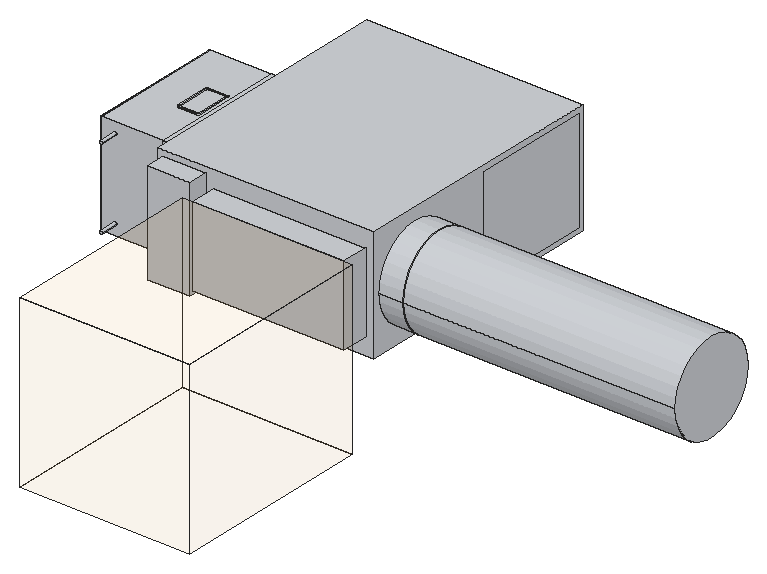
Revit family "FPB_FAN POWERED CONSTANT VOLUME_10-60", category Mechanical Equipment, Revit 2016
Family settings
  Part Type = Normal
  Round Connector Dimension = Use Diameter
  Work Plane-Based = No
  Always vertical = Yes
  Cut with Voids When Loaded = No
  Shared = No
  Room Calculation Point = No
Parameters (values of type "FDC5000 SIZE60(A=16)")
  control box side adjustment = 1 171/256"
  Width [instance] = 0"
  W = 46"
  Voltage = 480 V
  Unit Inlet 63 Hz [instance] = ""
  Side Clearance = 36"  # constant formula
  Power Factor = 1
  Phase = 3
  PBA Total Heating Capacity MBH [instance] = 0
  PBA Terminal Unit Air Pressure Drop [instance] = 0.00 in-wg
  PBA Schedule ID [instance] = "231"
  PBA Options / Accessories [instance] = ""
  PBA Modulation / Control Type [instance] = ""
  PBA Maximum Airflow [instance] = Air Flow  # 0 CFM
  PBA Load Classification = NC
  PBA Inlet Size [instance] = A  # 16"
  PBA Inlet Extension Ratio [instance] = PBA Inlet Extension / InletEquivalentDiameter  # 3
  PBA Inlet Extension [instance] = A * 3  # 48"
  PBA Heating Element Total _Unformatted [instance] = 0
  PBA Heating Element Total [instance] = 0 VA
  PBA Heating Coil Air Pressure Drop [instance] = 0.00 in-wg
  PBA Heating Air Flow [instance] = 0 CFM
  PBA Fan HP [instance] = 0 VA
  PBA External Static Pressure [instance] = 0.00 in-wg
  PBA Duct Outlet Width = B  # 24"
  PBA Duct Outlet Height = C  # 18"
  PBA Diameter [instance] = 0"
  PBA Designation from Type [instance] = Designation  # "FPB"
  PBA Designation Number [instance] = ""
  PBA Design Air Flow [instance] = 0 CFM
  PBA Apparent Load 3 [instance] = 0 VA
  PBA Apparent Load 2 [instance] = 0 VA
  PBA Apparent Load [instance] = 0 VA
  PBA 500 Hz [instance] = ""
  PBA 4000 Hz [instance] = ""
  PBA 250 Hz [instance] = ""
  PBA 2000 Hz [instance] = ""
  PBA 125 Hz [instance] = ""
  PBA 1000 Hz [instance] = ""
  OutletConnectorLocation [instance] = if(Discharge Straight Attenuator, 48 1/2", if(Hot Water Coil, 12 1/2", 1 1/2"))  # 12 1/2"
  Number of Poles = 3
  Minimum Air Flow [instance] = 0 CFM
  Maximum Overcurrent Protection [instance] = 0 A
  InletEquivalentDiameter [instance] = A  # 16"
  Inlet straight Attenuator [instance] = no
  Inlet Attenuator Length [instance] = 33 7/8"
  Inlet Attenuator = FDC5000 INLET ATTENUATOR SIZES10-60 : FDC5000 INLET ATTENUATOR SIZE60
  Hot Water Coil Opt. Port Right Side [instance] = yes
  Hot Water Coil Opt. Port Left Side [instance] = not(Hot Water Coil Opt. Port Right Side)  # no
  Opt. Controls encl NEMA 1 (default) [instance] = yes
  L = 38"
  INLET LENGTH = if(H = 17 1/2", 9 1/2", 4 3/8")  # 4 3/8"
  INLET DISTANCE = A / 2 + 1"  # 9"
  Hot water Coil = HOT WATER COIL WITH ACCESS DOOR FDC5000 : FDC5000 HOT WATER COIL SIZE60
  Hot Water Coil [instance] = yes
  Height [instance] = 0"
  Heating Leaving Dry Bulb Temperature [instance] = 0 °F
  Heating Entering Dry Bulb Temperature [instance] = 0 °F
  Half Total Pressure [instance] = PBA Terminal Unit Air Pressure Drop / 2  # 0.00 in-wg
  HW Connection Visibility [instance] = yes
  H = 20"
  Full Load Current [instance] = 0 A
  Filter [instance] = no
  F = 3"
  Equip Side Clearance [instance] = yes
  Equip Bottom Clearance [instance] = not(Equip Side Clearance)  # no
  Elec.Coil = ELECTRIC COIL FDC5000 : FDC5000 ELECTRIC COIL SIZE60
  Elec. Coil [instance] = no
  E = 18"
  Discharge Straight Attenuator [instance] = no
  Discharge Attenuator Length [instance] = 36"
  Discharge Attenuator = FDC5000 DISCHARGE ATTENUATOR SIZES10-60 : FDC5000 DISCHARGE ATTENUATOR SIZE60
  Designation = "FPB"
  DIA = A - 1/8"  # 15 7/8"
  D = 21"
  Chilled Water Entering Temperature [instance] = 0 °F
  C = 18"
  Bottom Electric box_Length = 14"
  Bottom Electric box_Width = 26 21/32"
  Boot Filter = FDC 5000 FILTER SIZE10-60 : FDC 5000 FILTER SIZE60
  B = 24"
  Apparent Load [instance] = PBA Apparent Load  # 0 VA
  Air Flow [instance] = 0 CFM
  A = 16"
  90° Inlet Attenuators [instance] = no
  90° Inlet Attenuator = FDC5000 90deg.INLET ATTENUATOR SIZES10-60 : 90 DEG. ATTENUATOR SIZE60
Types (12): name | control box side adjustment | W | Voltage | Power Factor | PBA Inlet Size | PBA Inlet Extension | PBA Duct Outlet Width | PBA Duct Outlet Height | OutletConnectorLocation | InletEquivalentDiameter | Inlet Attenuator | Hot Water Coil Opt. Port Right Side | Hot Water Coil Opt. Port Left Side | L | INLET LENGTH | INLET DISTANCE | Hot water Coil | Hot Water Coil | H | F | Elec.Coil | Elec. Coil | E | Discharge Attenuator | DIA | D | C | Bottom Electric box_Length | Bottom Electric box_Width | Boot Filter | B | A | 90° Inlet Attenuator
  FDC5000 SIZE20(A=6) | 7 235/256" | 31" | 480 V | 1 | 6" | 18" | 14" | 12 1/2" | 12 1/2" | 6" | FDC5000 INLET ATTENUATOR SIZES10-60 : FDC5000 INLET ATTENUATOR SIZE20 | yes | no | 25 1/2" | 9 1/2" | 4" | HOT WATER COIL WITH ACCESS DOOR FDC5000 : FDC5000 HOT WATER COIL SIZE20 | yes | 17 1/2" | 3" | ELECTRIC COIL FDC5000 : FDC5000 ELECTRIC COIL SIZE20 | no | 15 1/2" | FDC5000 DISCHARGE ATTENUATOR SIZES10-60 : FDC5000 DISCHARGE ATTENUATOR SIZE20 | 5 7/8" | 12" | 12 1/2" | 11 1/2" | 14 5/32" | FDC 5000 FILTER SIZE10-60 : FDC 5000 FILTER SIZE20 | 14" | 6" | FDC5000 90deg.INLET ATTENUATOR SIZES10-60 : 90 DEG. ATTENUATOR SIZE20
  FDC5000 SIZE10(A=6) | 6 171/256" | 18" | 0 V | 0 | 6" | 18" | 12" | 10" | 12 1/2" | 6" | FDC5000 INLET ATTENUATOR SIZES10-60 : FDC5000 INLET ATTENUATOR SIZE10 | yes | no | 28" | 4 3/8" | 4" | HOT WATER COIL WITH ACCESS DOOR FDC5000 : FDC5000 HOT WATER COIL SIZE10 | yes | 12" | 1 1/2" | ELECTRIC COIL FDC5000 : FDC5000 ELECTRIC COIL SIZE10 | no | 10" | FDC5000 DISCHARGE ATTENUATOR SIZES10-60 : FDC5000 DISCHARGE ATTENUATOR SIZE10 | 5 7/8" | 8" | 10" | 6" | 16 21/32" | FDC 5000 FILTER SIZE10-60 : FDC 5000 FILTER SIZE10 | 12" | 6" | FDC5000 90deg.INLET ATTENUATOR SIZES10-60 : 90 DEG. ATTENUATOR SIZE10
  FDC5000 SIZE10(A=5) | 6 171/256" | 18" | 0 V | 0 | 5" | 15" | 12" | 10" | 12 1/2" | 5" | FDC5000 INLET ATTENUATOR SIZES10-60 : FDC5000 INLET ATTENUATOR SIZE10 | yes | no | 28" | 4 3/8" | 3 1/2" | HOT WATER COIL WITH ACCESS DOOR FDC5000 : FDC5000 HOT WATER COIL SIZE10 | yes | 12" | 1 1/2" | ELECTRIC COIL FDC5000 : FDC5000 ELECTRIC COIL SIZE10 | no | 10" | FDC5000 DISCHARGE ATTENUATOR SIZES10-60 : FDC5000 DISCHARGE ATTENUATOR SIZE10 | 4 7/8" | 8" | 10" | 6" | 16 21/32" | FDC 5000 FILTER SIZE10-60 : FDC 5000 FILTER SIZE10 | 12" | 5" | FDC5000 90deg.INLET ATTENUATOR SIZES10-60 : 90 DEG. ATTENUATOR SIZE10
  FDC5000 SIZE20(A=8) | 7 235/256" | 31" | 0 V | 0 | 8" | 24" | 14" | 12 1/2" | 12 1/2" | 8" | FDC5000 INLET ATTENUATOR SIZES10-60 : FDC5000 INLET ATTENUATOR SIZE20 | yes | no | 25 1/2" | 9 1/2" | 5" | HOT WATER COIL WITH ACCESS DOOR FDC5000 : FDC5000 HOT WATER COIL SIZE20 | yes | 17 1/2" | 3" | ELECTRIC COIL FDC5000 : FDC5000 ELECTRIC COIL SIZE20 | no | 15 1/2" | FDC5000 DISCHARGE ATTENUATOR SIZES10-60 : FDC5000 DISCHARGE ATTENUATOR SIZE20 | 7 7/8" | 12" | 12 1/2" | 11 1/2" | 14 5/32" | FDC 5000 FILTER SIZE10-60 : FDC 5000 FILTER SIZE20 | 14" | 8" | FDC5000 90deg.INLET ATTENUATOR SIZES10-60 : 90 DEG. ATTENUATOR SIZE20
  FDC5000 SIZE30(A=8) | 7 235/256" | 31" | 0 V | 0 | 8" | 24" | 14" | 12 1/2" | 12 1/2" | 8" | FDC5000 INLET ATTENUATOR SIZES10-60 : FDC5000 INLET ATTENUATOR SIZE30 | yes | no | 25 1/2" | 9 1/2" | 5" | HOT WATER COIL WITH ACCESS DOOR FDC5000 : FDC5000 HOT WATER COIL SIZE30 | yes | 17 1/2" | 3" | ELECTRIC COIL FDC5000 : FDC5000 ELECTRIC COIL SIZE30 | no | 15 1/2" | FDC5000 DISCHARGE ATTENUATOR SIZES10-60 : FDC5000 DISCHARGE ATTENUATOR SIZE30 | 7 7/8" | 12" | 12 1/2" | 11 1/2" | 14 5/32" | FDC 5000 FILTER SIZE10-60 : FDC 5000 FILTER SIZE30 | 14" | 8" | FDC5000 90deg.INLET ATTENUATOR SIZES10-60 : 90 DEG. ATTENUATOR SIZE30
  FDC5000 SIZE30(A=10) | 7 235/256" | 31" | 480 V | 0 | 10" | 30" | 14" | 12 1/2" | 12 1/2" | 10" | FDC5000 INLET ATTENUATOR SIZES10-60 : FDC5000 INLET ATTENUATOR SIZE30 | yes | no | 25 1/2" | 9 1/2" | 6" | HOT WATER COIL WITH ACCESS DOOR FDC5000 : FDC5000 HOT WATER COIL SIZE30 | yes | 17 1/2" | 3" | ELECTRIC COIL FDC5000 : FDC5000 ELECTRIC COIL SIZE30 | no | 15 1/2" | FDC5000 DISCHARGE ATTENUATOR SIZES10-60 : FDC5000 DISCHARGE ATTENUATOR SIZE30 | 9 7/8" | 12" | 12 1/2" | 11 1/2" | 14 5/32" | FDC 5000 FILTER SIZE10-60 : FDC 5000 FILTER SIZE30 | 14" | 10" | FDC5000 90deg.INLET ATTENUATOR SIZES10-60 : 90 DEG. ATTENUATOR SIZE30
  FDC5000 SIZE40(A=10) | 5 235/256" | 35" | 0 V | 0 | 10" | 30" | 16" | 15" | 12 1/2" | 10" | FDC5000 INLET ATTENUATOR SIZES10-60 : FDC5000 INLET ATTENUATOR SIZE40 | yes | no | 29 1/2" | 9 1/2" | 6" | HOT WATER COIL WITH ACCESS DOOR FDC5000 : FDC5000 HOT WATER COIL SIZE40 | yes | 17 1/2" | 4" | ELECTRIC COIL FDC5000 : FDC5000 ELECTRIC COIL SIZE40 | no | 15 1/2" | FDC5000 DISCHARGE ATTENUATOR SIZES10-60 : FDC5000 DISCHARGE ATTENUATOR SIZE40 | 9 7/8" | 16" | 15" | 11 1/2" | 18 5/32" | FDC 5000 FILTER SIZE10-60 : FDC 5000 FILTER SIZE40 | 16" | 10" | FDC5000 90deg.INLET ATTENUATOR SIZES10-60 : 90 DEG. ATTENUATOR SIZE40
  FDC5000 SIZE40(A=12) | 5 235/256" | 35" | 0 V | 0 | 12" | 36" | 16" | 15" | 12 1/2" | 12" | FDC5000 INLET ATTENUATOR SIZES10-60 : FDC5000 INLET ATTENUATOR SIZE40 | yes | no | 29 1/2" | 9 1/2" | 7" | HOT WATER COIL WITH ACCESS DOOR FDC5000 : FDC5000 HOT WATER COIL SIZE40 | yes | 17 1/2" | 4" | ELECTRIC COIL FDC5000 : FDC5000 ELECTRIC COIL SIZE40 | no | 15 1/2" | FDC5000 DISCHARGE ATTENUATOR SIZES10-60 : FDC5000 DISCHARGE ATTENUATOR SIZE40 | 11 7/8" | 16" | 15" | 11 1/2" | 18 5/32" | FDC 5000 FILTER SIZE10-60 : FDC 5000 FILTER SIZE40 | 16" | 12" | FDC5000 90deg.INLET ATTENUATOR SIZES10-60 : 90 DEG. ATTENUATOR SIZE40
  FDC5000 SIZE50(A=12) | 1 171/256" | 40" | 0 V | 0 | 12" | 36" | 20" | 17 1/2" | 1 1/2" | 12" | FDC5000 INLET ATTENUATOR SIZES10-60 : FDC5000 INLET ATTENUATOR SIZE50 | no | yes | 38" | 4 3/8" | 7" | HOT WATER COIL WITH ACCESS DOOR FDC5000 : FDC5000 HOT WATER COIL SIZE50 | no | 20" | 3" | ELECTRIC COIL FDC5000 : FDC5000 ELECTRIC COIL SIZE50 | yes | 18" | FDC5000 DISCHARGE ATTENUATOR SIZES10-60 : FDC5000 DISCHARGE ATTENUATOR SIZE50 | 11 7/8" | 21" | 17 1/2" | 14" | 26 21/32" | FDC 5000 FILTER SIZE10-60 : FDC 5000 FILTER SIZE50 | 20" | 12" | FDC5000 90deg.INLET ATTENUATOR SIZES10-60 : 90 DEG. ATTENUATOR SIZE50
  FDC5000 SIZE50(A=14) | 1 171/256" | 40" | 0 V | 0 | 14" | 42" | 20" | 17 1/2" | 12 1/2" | 14" | FDC5000 INLET ATTENUATOR SIZES10-60 : FDC5000 INLET ATTENUATOR SIZE50 | yes | no | 38" | 4 3/8" | 8" | HOT WATER COIL WITH ACCESS DOOR FDC5000 : FDC5000 HOT WATER COIL SIZE50 | yes | 20" | 3" | ELECTRIC COIL FDC5000 : FDC5000 ELECTRIC COIL SIZE50 | no | 18" | FDC5000 DISCHARGE ATTENUATOR SIZES10-60 : FDC5000 DISCHARGE ATTENUATOR SIZE50 | 13 7/8" | 21" | 17 1/2" | 14" | 26 21/32" | FDC 5000 FILTER SIZE10-60 : FDC 5000 FILTER SIZE50 | 20" | 14" | FDC5000 90deg.INLET ATTENUATOR SIZES10-60 : 90 DEG. ATTENUATOR SIZE50
  FDC5000 SIZE60(A=14) | 1 171/256" | 46" | 0 V | 0 | 14" | 42" | 24" | 18" | 12 1/2" | 14" | FDC5000 INLET ATTENUATOR SIZES10-60 : FDC5000 INLET ATTENUATOR SIZE60 | yes | no | 38" | 4 3/8" | 8" | HOT WATER COIL WITH ACCESS DOOR FDC5000 : FDC5000 HOT WATER COIL SIZE60 | yes | 20" | 3" | ELECTRIC COIL FDC5000 : FDC5000 ELECTRIC COIL SIZE60 | no | 18" | FDC5000 DISCHARGE ATTENUATOR SIZES10-60 : FDC5000 DISCHARGE ATTENUATOR SIZE60 | 13 7/8" | 21" | 18" | 14" | 26 21/32" | FDC 5000 FILTER SIZE10-60 : FDC 5000 FILTER SIZE60 | 24" | 14" | FDC5000 90deg.INLET ATTENUATOR SIZES10-60 : 90 DEG. ATTENUATOR SIZE60
  FDC5000 SIZE60(A=16) | 1 171/256" | 46" | 480 V | 1 | 16" | 48" | 24" | 18" | 12 1/2" | 16" | FDC5000 INLET ATTENUATOR SIZES10-60 : FDC5000 INLET ATTENUATOR SIZE60 | yes | no | 38" | 4 3/8" | 9" | HOT WATER COIL WITH ACCESS DOOR FDC5000 : FDC5000 HOT WATER COIL SIZE60 | yes | 20" | 3" | ELECTRIC COIL FDC5000 : FDC5000 ELECTRIC COIL SIZE60 | no | 18" | FDC5000 DISCHARGE ATTENUATOR SIZES10-60 : FDC5000 DISCHARGE ATTENUATOR SIZE60 | 15 7/8" | 21" | 18" | 14" | 26 21/32" | FDC 5000 FILTER SIZE10-60 : FDC 5000 FILTER SIZE60 | 24" | 16" | FDC5000 90deg.INLET ATTENUATOR SIZES10-60 : 90 DEG. ATTENUATOR SIZE60
Reference planes (in)
  plane 1 "Center (Front/Back)": y = 12.5
  plane 2: z = 0
  plane 3 "Center (Left/Right)": x = 0
  plane 4 "Face 5": y = 35.5
  plane 5 "Face 2": y = -10.5
  plane 6 "Weak Reference 2": x = -14
  plane 7 "Face 8": x = 24
  plane 8: z = 20
  plane 9 "Face 6": x = -15.5
  plane 10 "Weak Reference 7": y = -7.5
  plane 11 "Weak Reference 6": y = 16.5
  plane 12: z = 19.25
  plane 13: z = 1.25
  plane 14 "Face 4": x = -13
  plane 15 "face 23": z = 10
  plane 16 "FACE 23": z = 11
  plane 17: z = 1
  plane 18 "Face 1": y = -14
  plane 19 "FACE 24": z = 17
  plane 20 "FACE 25": z = 3
  plane 21 "Weak Reference 1": y = -15.25
  plane 22 "Face 3": y = -9.5
  plane 23 "Weak Reference 3": y = -1.5
  plane 24 "InletFace": x = 28.375
  plane 25 "Weak Reference 5": y = 34.5
  plane 26 "Weak Reference 4": y = 13.5
  plane 27: z = 19
  plane 28: z = 1
  plane 29 "Weak Reference 8": x = 24.1875
  plane 30 "clr 1": y = -51.25
  plane 31: z = -4.75
  plane 32: y = 18.69802
  plane 33 "Center (Left/Right) of ELEC CONRL BOX": x = 5
  plane 34 "1": z = -40.75
  plane 35 "InletExtension": x = 76.375
  plane 36 "OutletConnector": x = -26.5
Forms (in)
  Extrusion 1, solid
    sketch origin (0, 0, 0) x (1, 0, 0) y (0, 1, 0)
      loop
        line (-14, 35.5) -> (-14, -10.5) -> (24, -10.5) -> (24, 35.5) -> (-14, 35.5)
    from 0 to 20
  Extrusion 2, solid
    sketch origin (0, 0, 0) x (1, 0, 0) y (0, 1, 0)
      loop
        line (-15.5, 16.5) -> (-15.5, -7.5) -> (-14, -7.5) -> (-14, 16.5) -> (-15.5, 16.5)
    from 1.25 to 19.25
  Extrusion 3, solid, visible <- "Opt. Controls encl NEMA 1 (default)"
    sketch origin (0, 12.5, 0) x (1, 0, 0) y (0, 0, 1)
      loop
        line (-13, 19) -> (-13, 1) -> (-5.625, 1) -> (-5.625, 19) -> (-13, 19)
    from 23 to 26.5
  Extrusion 4, solid, visible <- "Equip Side Clearance"
    sketch origin (0, 12.5, 0) x (1, 0, 0) y (0, 0, 1)
      loop
        line (-4.12318, 17) -> (-4.12318, 3) -> (22.54335, 3) -> (22.54335, 17) -> (-4.12318, 17)
    from 23 to 27.75
  Extrusion 5, solid
    sketch origin (0, -14, 0) x (0, 1, 0) y (0, 0, 1)
      loop
        circle (12.5, 10) r 8
    from 24 to 28.375
  Extrusion 6, solid
    sketch origin (0, 0, 0) x (0, 1, 0) y (0, 0, 1)
      loop
        line (13.5, 19) -> (13.5, 1) -> (34.5, 1) -> (34.5, 19) -> (13.5, 19)
    from 24 to 24.1875
  Extrusion 7, solid, material "Clearance", visible <- "Equip Side Clearance"
    sketch origin (13.75, -18.25, 1.25) x (1, 0, 0) y (0, 0, 1)
      loop
        line (-19.54115, -14.25) -> (10.45885, -14.25) -> (10.45885, 15.75) -> (-19.54115, 15.75) -> (-19.54115, -14.25)
    from -3 to 33
  Extrusion 8, solid, material "Clearance", visible <- "Equip Bottom Clearance"
    sketch origin (-8.32812, 5.5, -4.75) x (1, 0, 0) y (0, 1, 0)
      loop
        line (-1.67187, 22) -> (-1.67187, -8) -> (28.32813, -8) -> (28.32813, 22) -> (-1.67187, 22)
    from -36 to 0
  Extrusion 9, solid
    sketch origin (28.375, 0, 0) x (0, 1, 0) y (0, 0, 1)
      loop
        circle (-1.5, 10) r 8
    from 0 to 48
  Extrusion 10, solid
    sketch origin (-26.5, 0, 0) x (0, 1, 0) y (0, 0, 1)
      loop
        line (16.5, 19.25) -> (-7.5, 19.25) -> (-7.5, 1.25) -> (16.5, 1.25) -> (16.5, 19.25)
    from 0 to 0.0625
Lines and regions (in)
  symbolic lines, style "Clearance Area 2D", visible <- "Equip Side Clearance"
    curve 1: line (-5.79115, -15.25, 0) -> (24.20885, -15.25, 0)
    curve 2: line (-5.79115, -51.25, 0) -> (-5.79115, -15.25, 0)
    curve 3: line (24.20885, -51.25, 0) -> (-5.79115, -51.25, 0)
    curve 4: line (24.20885, -15.25, 0) -> (24.20885, -51.25, 0)
  model lines, style "Clearance Area 2D", visible <- "Equip Side Clearance"
    curve 5: line (24.20885, -51.25, -13) -> (-5.79115, -51.25, -13)
    curve 6: line (-5.79115, -51.25, -13) -> (-5.79115, -15.25, -13)
    curve 7: line (-5.79115, -15.25, -13) -> (24.20885, -15.25, -13)
    curve 8: line (24.20885, -15.25, -13) -> (24.20885, -51.25, -13)
Dimensions and locks (in)
  locked: plane 21 "Weak Reference 1" to plane 5 "Face 2" at 4.75
  "B": plane 10 "Weak Reference 7" to plane 11 "Weak Reference 6"
  "W": plane 4 "Face 5" to plane 5 "Face 2"
  "C": plane 12 to plane 13
  "L": plane 7 "Face 8" to plane 6 "Weak Reference 2"
  "F": plane 5 "Face 2" to plane 10 "Weak Reference 7"
  "H": plane 8 to plane 2
  "INLET LENGTH": plane 7 "Face 8" to plane 24 "InletFace"
  locked: plane 8 to plane 12 at 0.75
  locked: plane 14 "Face 4" to plane 6 "Weak Reference 2" at 1
  locked: Extrusion 1 to Extrusion 3 at 1
  locked: Extrusion 3 to Extrusion 1 at 1
  locked: plane 8 to plane 19 "FACE 24" at 3
  locked: plane 20 "FACE 25" to plane 2 at 3
  locked: plane 5 "Face 2" to plane 22 "Face 3" at 1
  locked: plane 18 "Face 1" to plane 5 "Face 2" at 3.5
  locked: plane 25 "Weak Reference 5" to plane 4 "Face 5" at 1
  equal spacing: plane 8, plane 15 "face 23", plane 2
  equal spacing: plane 28, plane 15 "face 23", plane 27
  "E": plane 28 to plane 27
  "D": plane 26 "Weak Reference 4" to plane 25 "Weak Reference 5"
  "INLET DISTANCE": plane 5 "Face 2" to plane 23 "Weak Reference 3"
  "Side Clearance": plane 30 "clr 1" to plane 21 "Weak Reference 1"
  locked: plane 2 to plane 31 at 4.75
  equal spacing: plane 4 "Face 5", plane 1 "Center (Front/Back)", plane 5 "Face 2"
  equal spacing: plane 6 "Weak Reference 2", plane 33 "Center (Left/Right) of ELEC CONRL BOX", plane 7 "Face 8"
  locked: plane 31 to plane 34 "1" at 36
  locked: plane 33 "Center (Left/Right) of ELEC CONRL BOX" to Extrusion 8 sketch curve at 15
  locked: Extrusion 8 sketch curve to plane 33 "Center (Left/Right) of ELEC CONRL BOX" at 15
  locked: Extrusion 8 sketch curve to nested 7 at 15
  locked: nested 7 to Extrusion 8 sketch curve at 15
  Extrusion 4 to Extrusion 4 = 26.66653"
  locked: plane 6 "Weak Reference 2" to Extrusion 4 at 9.87682
  locked: Extrusion 7 sketch curve to Extrusion 4 at 30
  locked: Extrusion 7 sketch curve to Extrusion 7 sketch curve at 30
  "control box side adjustment": Extrusion 7 to Extrusion 4
  locked: Extrusion 3 to Extrusion 3 at 7.375
  plane 7 "Face 8" to plane 29 "Weak Reference 8" = 3/16"
  "PBA Inlet Extension": plane 24 "InletFace" to plane 35 "InletExtension"
  "OutletConnectorLocation": plane 36 "OutletConnector" to plane 6 "Weak Reference 2"
  "A": diameter of Extrusion 5 sketch curve
  "A": diameter of Extrusion 9 sketch curve
  aligned and locked: plane 2 to level
  aligned and locked: plane 8 to Extrusion 1
  aligned and locked: plane 4 "Face 5" to Extrusion 1  (x2)
  aligned and locked: Extrusion 1 to plane 6 "Weak Reference 2"  (x2)
  aligned and locked: plane 5 "Face 2" to Extrusion 1  (x4)
  aligned and locked: Extrusion 2 to plane 12
  aligned and locked: plane 13 to Extrusion 2
  aligned and locked: Extrusion 3 to plane 5 "Face 2"
  aligned and locked: Extrusion 3 to plane 18 "Face 1"
  aligned and locked: Extrusion 4 to plane 5 "Face 2"
  aligned and locked: plane 21 "Weak Reference 1" to Extrusion 4
  aligned and locked: plane 24 "InletFace" to Extrusion 5
  aligned and locked: plane 10 "Weak Reference 7" to Extrusion 2
  aligned and locked: Extrusion 2 to plane 11 "Weak Reference 6"
  aligned and locked: plane 12 to Extrusion 2  (x2)
  aligned and locked: Extrusion 2 to plane 13
  aligned and locked: plane 6 "Weak Reference 2" to Extrusion 1  (x2)
  aligned and locked: plane 5 "Face 2" to Extrusion 3
  aligned and locked: plane 5 "Face 2" to Extrusion 4
  aligned and locked: Extrusion 1 to plane 7 "Face 8"  (x2)
  aligned and locked: plane 6 "Weak Reference 2" to Extrusion 2
  aligned and locked: Extrusion 1 to plane 8  (x2)
  aligned and locked: Extrusion 3 to plane 14 "Face 4"
  aligned and locked: Extrusion 4 to plane 19 "FACE 24"
  aligned and locked: plane 20 "FACE 25" to Extrusion 4
  aligned and locked: Extrusion 1 to plane 5 "Face 2"  (x2)
  aligned and locked: plane 22 "Face 3" to Extrusion 5
  aligned and locked: plane 18 "Face 1" to Extrusion 3
  aligned and locked: Extrusion 6 to plane 7 "Face 8"
  aligned and locked: Extrusion 6 to plane 27
  aligned and locked: Extrusion 6 to plane 26 "Weak Reference 4"
  aligned and locked: Extrusion 6 to plane 28
  aligned and locked: plane 25 "Weak Reference 5" to Extrusion 6
  aligned and locked: Extrusion 6 to plane 29 "Weak Reference 8"
  aligned and locked: plane 7 "Face 8" to Extrusion 5
  aligned and locked: nested 1 to Extrusion 2  (x3)
  aligned and locked: nested 1 to Extrusion 1
  aligned and locked: nested 2 to Extrusion 2  (x4)
  aligned and locked: nested 2 to Extrusion 1  (x2)
  aligned and locked: nested 2 to plane 5 "Face 2"
  aligned and locked: nested 2 to plane 11 "Weak Reference 6"
  aligned and locked: plane 10 "Weak Reference 7" to nested 2
  aligned and locked: nested 2 to nested 2  (x2)
  aligned and locked: nested 3 to Extrusion 1  (x3)
  aligned and locked: nested 1 to nested 4  (x3)
  aligned and locked: nested 4 to nested 1  (x2)
  aligned and locked: nested 5 to Extrusion 1  (x3)
  aligned and locked: Extrusion 7 to plane 30 "clr 1"
  aligned and locked: Extrusion 7 to Extrusion 4  (x2)
  aligned and locked: curve 1 to Extrusion 4
  aligned and locked: curve 2 to Extrusion 7
  aligned and locked: curve 3 to Extrusion 7
  aligned and locked: curve 4 to Extrusion 7
  aligned and locked: nested 6 to Extrusion 1  (x3)
  aligned and locked: nested 7 to plane 1 "Center (Front/Back)"
  aligned and locked: plane 33 "Center (Left/Right) of ELEC CONRL BOX" to nested 7
  aligned and locked: nested 7 to Extrusion 1
  aligned and locked: Extrusion 8 to nested 7
  aligned and locked: Extrusion 8 to plane 34 "1"
  aligned and locked: curve 5 to Extrusion 7
  aligned and locked: curve 6 to Extrusion 7
  aligned and locked: curve 7 to Extrusion 7
  aligned and locked: curve 8 to Extrusion 7
  aligned and locked: Extrusion 9 to plane 35 "InletExtension"
  aligned and locked: plane 10 "Weak Reference 7" to Extrusion 10
  aligned and locked: Extrusion 10 to plane 11 "Weak Reference 6"
  aligned and locked: Extrusion 10 to plane 13
  aligned and locked: plane 12 to Extrusion 10
Automatic sketch dimensions
  plane 15 "face 23" to Extrusion 5 sketch curve = 0"
  Extrusion 5 sketch curve to plane 23 "Weak Reference 3" = 0"
  plane 5 "Face 2" to Extrusion 1 sketch curve = 0"
  Extrusion 1 sketch curve to plane 6 "Weak Reference 2" = 0"
  Extrusion 1 sketch curve to plane 7 "Face 8" = 0"
  Extrusion 1 sketch curve to plane 4 "Face 5" = 0"
  Extrusion 2 sketch curve to plane 9 "Face 6" = 0"
  Extrusion 2 sketch curve to plane 6 "Weak Reference 2" = 0"
  plane 10 "Weak Reference 7" to Extrusion 2 sketch curve = 0"
  plane 11 "Weak Reference 6" to Extrusion 2 sketch curve = 0"
  Extrusion 3 sketch curve to plane 14 "Face 4" = 0"
  Extrusion 3 sketch curve to plane 17 = 0"
  Extrusion 3 sketch curve to plane 27 = 0"
  Extrusion 3 sketch curve to plane 3 "Center (Left/Right)" = 5 5/8"
  Extrusion 4 sketch curve to plane 20 "FACE 25" = 0"
  Extrusion 4 sketch curve to plane 19 "FACE 24" = 0"
  Extrusion 4 sketch curve to plane 3 "Center (Left/Right)" = 4.12318"
  plane 7 "Face 8" to Extrusion 4 sketch curve = 1.45665"
  plane 17 to Extrusion 6 sketch curve = 0"
  Extrusion 6 sketch curve to plane 26 "Weak Reference 4" = 0"
  Extrusion 6 sketch curve to plane 25 "Weak Reference 5" = 0"
  plane 27 to Extrusion 6 sketch curve = 0"
  Extrusion 7 sketch curve to plane 19 "FACE 24" = 0"
  plane 14 "Face 4" to Extrusion 7 sketch curve = 7.20885"
  plane 15 "face 23" to Extrusion 9 sketch curve = 0"
  Extrusion 9 sketch curve to plane 23 "Weak Reference 3" = 0"
  Extrusion 10 sketch curve to plane 23 "Weak Reference 3" = 6"
  Extrusion 10 sketch curve to plane 1 "Center (Front/Back)" = 4"
  Extrusion 10 sketch curve to plane 8 = 18 3/4"
  Extrusion 10 sketch curve to Extrusion 10 sketch curve = 18"
Nested families (in)
  nested 1: "HOT WATER COIL WITH ACCESS DOOR FDC5000" at (-21.5, 4.5, 10.25) x (0, -1, 0) z (0, 0, 1), type <- "Hot water Coil", Opt. Port Left Side <- "Hot Water Coil Opt. Port Left Side", Opt. Port Right Side <- "Hot Water Coil Opt. Port Right Side", visible <- "Hot Water Coil", type "FDC5000 HOT WATER COIL SIZE60"
    with Opt. Port Right Side yes, Opt. Port Left Side no
  nested 2: "ELECTRIC COIL FDC5000" at (-14, 4.5, 10.25) x (0, -1, 0) z (0, 0, 1), type <- "Elec.Coil", visible <- "Elec. Coil", F <- "F", type "FDC5000 ELECTRIC COIL SIZE60"
    with F 3", Equip Side Clearance yes
  nested 3: "FDC5000 INLET ATTENUATOR SIZES10-60" at (24, 24, 10) x (0, -1, 0) z (0, 0, 1), LENGTH <- "Inlet Attenuator Length", type <- "Inlet Attenuator", visible <- "Inlet straight Attenuator", type "FDC5000 INLET ATTENUATOR SIZE60"
    with LENGTH 33 7/8"
  nested 4: "FDC5000 DISCHARGE ATTENUATOR SIZES10-60" at (-26.5, 4.5, 10.25) x (0, 1, 0) z (0, 0, 1), type <- "Discharge Attenuator", visible <- "Discharge Straight Attenuator", LENGTH <- "Discharge Attenuator Length", type "FDC5000 DISCHARGE ATTENUATOR SIZE60"
    with LENGTH 36"
  nested 5: "FDC5000 90deg.INLET ATTENUATOR SIZES10-60" at (64, 12.5, 0), type <- "90° Inlet Attenuator", visible <- "90° Inlet Attenuators", type "90 DEG. ATTENUATOR SIZE60"
  nested 6: "FDC 5000 FILTER SIZE10-60" at (39.5, 23.5, 0) x (-1, 0, 0) z (0, 0, 1), type <- "Boot Filter", visible <- "Filter", type "FDC 5000 FILTER SIZE60"
  nested 7: "Electrical Box" at (5, 12.5, -2.375) x (0, 1, 0) z (0, 0, 1), Electrical Box Length <- "Bottom Electric box_Length", Electrical Box Width <- "Bottom Electric box_Width", visible <- "Equip Bottom Clearance", type "Electrical Box"
    with Electrical Box Width 26 21/32", Electrical Box Length 14", Electrical Box Height 4 3/4"
  nested 8: "HW Connetion - Graphics - Annotation" at (-15.47696, -16.5, 0) x (-1, 0, 0) z (0, 0, 1), type "HW Connetion - Graphics - Annotation"
  nested 9: "Hardwired Connection" at (11.70885, -22, 19.25), visible <- "HW Connection Visibility", type "Hardwired Connection"
Connectors (in)
  hvac at (76.375, -1.5, 10), driven by "A", driven by "Half Total Pressure", driven by "Air Flow"
    settings: on Extrusion 9, index 5, duct flow 0 CFM, flow factor 0, pres drop 0.00 in-wg, loss coef 0, conn angle 0.00°, conn width 12", conn height 12", conn diameter 16", duct sys type 1, conn prof type 0, flow config 1, flow direction 1, loss method 4, conn ref index -1, conn util no, is conn primary yes, conn desc ""
  hvac at (-26.5, 4.5, 10.25), driven by "C", driven by "B", driven by "Half Total Pressure", driven by "Air Flow"
    settings: on Extrusion 10, index 6, duct flow 0 CFM, flow factor 0, pres drop 0.00 in-wg, loss coef 0, conn angle 0.00°, conn width 24", conn height 18", conn diameter 24", duct sys type 1, conn prof type 1, flow config 0, flow direction 2, loss method 4, conn ref index -1, conn util no, is conn primary no, conn desc ""
  electrical at (5, 12.5, 20), driven by "Number of Poles", driven by "Voltage", driven by "PBA Load Classification", driven by "Apparent Load", driven by "Power Factor", driven by "Apparent Load", driven by "PBA Apparent Load 2", driven by "PBA Apparent Load 3"
    settings: on Extrusion 1, index 7, voltage 480 V, apparent load 0 VA, apparent load phase1 0 VA, apparent load phase2 0 VA, apparent load phase3 0 VA, power factor 1, load classification "NC", number of poles 3, system type 31, power factor state 1, is connector primary yes, connector utility no, sub classification motor no, connector description ""
Definition of nested family "HOT WATER COIL WITH ACCESS DOOR FDC5000"
  Parameters (values of type "FDC5000 HOT WATER COIL SIZE10")
    Opt. Port Right Side [instance] = yes
    Opt. Port Left Side [instance] = yes
    C = 10"
    B = 12"
  Types (7): name | C | B
    (no name) | 10" | 12"
    FDC5000 HOT WATER COIL SIZE10 | 10" | 12"
    FDC5000 HOT WATER COIL SIZE20 | 12 1/2" | 14"
    FDC5000 HOT WATER COIL SIZE30 | 12 1/2" | 14"
    FDC5000 HOT WATER COIL SIZE40 | 15" | 16"
    FDC5000 HOT WATER COIL SIZE50 | 17 1/2" | 20"
    FDC5000 HOT WATER COIL SIZE60 | 18" | 24"
  Reference planes (in)
    plane 1 "Center (Front/Back)": y = 0
    plane 2: z = 0
    plane 3 "Center (Left/Right)": x = 0
    plane 4: z = 5
    plane 5: z = -5
    plane 6 "Face 1": x = -6
    plane 7 "Face 2": x = 6
    plane 8 "Face 4": y = -5
    plane 9 "Face 3": y = 7.5
    plane 10: z = 5.1
    plane 11 "Weak Reference 4": y = -2.5
    plane 12 "Weak Reference 3": x = 9
    plane 13 "Weak Reference 1": x = -3.375
    plane 14 "Weak Reference 2": x = 3.375
    plane 15 "Weak Reference 3 a": x = -9
  Forms (in)
    Extrusion 1, solid
      sketch origin (0, 0, 0) x (1, 0, 0) y (0, 0, 1)
        loop
          line (-6, 5) -> (-6, -5) -> (6, -5) -> (6, 5) -> (-6, 5)
      from -7.5 to 5
    Extrusion 2, solid
      sketch origin (0, 0, 0) x (1, 0, 0) y (0, 1, 0)
        loop
          arc (-3.125, 5.34726) -> (-3.30178, 5.27404) -> (-3.375, 5.09726) r 0.25
          line (-3.375, 5.09726) -> (-3.375, 1.59726)
          arc (-3.375, 1.59726) -> (-3.30178, 1.42048) -> (-3.125, 1.34726) r 0.25
          line (-3.125, 1.34726) -> (2.875, 1.34726)
          arc (2.875, 1.34726) -> (3.22855, 1.49371) -> (3.375, 1.84726) r 0.5
          line (3.375, 1.84726) -> (3.375, 5.09726)
          arc (3.375, 5.09726) -> (3.30178, 5.27404) -> (3.125, 5.34726) r 0.25
          line (3.125, 5.34726) -> (-3.125, 5.34726)
        loop
          arc (-2.91195, 5.12672) -> (-3.08872, 5.0535) -> (-3.16195, 4.87672) r 0.25
          line (-3.16195, 4.87672) -> (-3.16195, 1.87672)
          arc (-3.16195, 1.87672) -> (-3.08872, 1.69995) -> (-2.91195, 1.62672) r 0.25
          line (-2.91195, 1.62672) -> (2.76655, 1.62672)
          arc (2.76655, 1.62672) -> (3.00006, 1.72345) -> (3.09679, 1.95696) r 0.33024
          line (3.09679, 1.95696) -> (3.09679, 4.80977)
          arc (3.09679, 4.80977) -> (3.00396, 5.03389) -> (2.77984, 5.12672) r 0.31695
          line (2.77984, 5.12672) -> (-2.91195, 5.12672)
      from 5 to 5.1
    Extrusion 3, solid, visible <- "Opt. Port Right Side"
      sketch origin (0, 0, 0) x (0, 1, 0) y (0, 0, 1)
        loop
          circle (-2.5, 3.11498) r 0.25
        loop
          circle (-2.5, -3.11498) r 0.25
      from 6 to 9
    Extrusion 4, solid, visible <- "Opt. Port Left Side"
      sketch origin (0, 0, 0) x (0, 1, 0) y (0, 0, -1)
        loop
          circle (-2.5, -3.11498) r 0.25
        loop
          circle (-2.5, 3.11498) r 0.25
      from 6 to 9
  Dimensions and locks (in)
    locked: plane 10 to plane 4 at 0.1
    "C": plane 4 to plane 5
    "B": plane 7 "Face 2" to plane 6 "Face 1"
    locked: plane 7 "Face 2" to plane 12 "Weak Reference 3" at 3
    plane 13 "Weak Reference 1" to plane 3 "Center (Left/Right)" to plane 14 "Weak Reference 2" = 3 3/8" locked, 3 3/8" locked
    equal spacing: plane 7 "Face 2", plane 3 "Center (Left/Right)", plane 6 "Face 1"
    equal spacing: plane 4, level, plane 5
    locked: plane 6 "Face 1" to plane 15 "Weak Reference 3 a" at 3
    aligned and locked: plane 2 to level
    aligned and locked: Extrusion 1 to plane 6 "Face 1"
    aligned and locked: plane 4 to Extrusion 1
    aligned and locked: Extrusion 1 to plane 7 "Face 2"
    aligned and locked: plane 5 to Extrusion 1
    aligned and locked: plane 8 "Face 4" to Extrusion 1
    aligned and locked: Extrusion 1 to plane 9 "Face 3"
    aligned and locked: Extrusion 2 to plane 4
    aligned and locked: Extrusion 2 to plane 10
    aligned and locked: plane 7 "Face 2" to Extrusion 3
    aligned and locked: plane 12 "Weak Reference 3" to Extrusion 3
    aligned and locked: plane 13 "Weak Reference 1" to Extrusion 2
    aligned and locked: plane 14 "Weak Reference 2" to Extrusion 2
    aligned and locked: plane 6 "Face 1" to Extrusion 4
    aligned and locked: plane 15 "Weak Reference 3 a" to Extrusion 4
  Automatic sketch dimensions
    Extrusion 1 sketch curve to plane 5 = 0"
    Extrusion 1 sketch curve to plane 6 "Face 1" = 0"
    plane 7 "Face 2" to Extrusion 1 sketch curve = 0"
    Extrusion 1 sketch curve to plane 4 = 0"
    Extrusion 2 sketch curve to plane 13 "Weak Reference 1" = 0"
    Extrusion 2 sketch curve to plane 14 "Weak Reference 2" = 0"
    Extrusion 2 sketch curve to plane 13 "Weak Reference 1" = 0.21305"
    Extrusion 2 sketch curve to plane 13 "Weak Reference 1" = 1/4"  (x2)
    Extrusion 2 sketch curve to Extrusion 2 sketch curve = 1/4"  (x2)
    Extrusion 2 sketch curve to plane 14 "Weak Reference 2" = 0.60845"
    Extrusion 2 sketch curve to plane 14 "Weak Reference 2" = 0.59516"
    Extrusion 2 sketch curve to Extrusion 2 sketch curve = 0.10845"
    Extrusion 2 sketch curve to Extrusion 2 sketch curve = 0.22179"
    Extrusion 2 sketch curve to plane 14 "Weak Reference 2" = 1/4"
    Extrusion 2 sketch curve to plane 1 "Center (Front/Back)" = 1.34726"
    Extrusion 2 sketch curve to Extrusion 2 sketch curve = 0.02946"
    plane 9 "Face 3" to Extrusion 2 sketch curve = 2.69023"
    Extrusion 2 sketch curve to Extrusion 2 sketch curve = 0.22054"
    Extrusion 3 sketch curve to plane 11 "Weak Reference 4" = 0"  (x2)
    Extrusion 3 sketch curve to plane 5 = 1.88502"
    Extrusion 3 sketch curve to plane 4 = 1.88502"
    Extrusion 4 sketch curve to plane 11 "Weak Reference 4" = 0"  (x2)
    Extrusion 4 sketch curve to plane 4 = 1.88502"
    Extrusion 4 sketch curve to plane 5 = 1.88502"
    radius of Extrusion 3 sketch curve = 1/4"  (x2)
    radius of Extrusion 4 sketch curve = 1/4"  (x2)
Definition of nested family "ELECTRIC COIL FDC5000"
  Parameters (values of type "FDC5000 ELECTRIC COIL SIZE10")
    Equip Side Clearance [instance] = yes
    C = 10"
    F [instance] = 3 1/4"
    D = 12"
    B = 12"
  Types (6): name | C | D | B
    FDC5000 ELECTRIC COIL SIZE10 | 10" | 12" | 12"
    FDC5000 ELECTRIC COIL SIZE20 | 12 1/2" | 15" | 14"
    FDC5000 ELECTRIC COIL SIZE30 | 12 1/2" | 15" | 14"
    FDC5000 ELECTRIC COIL SIZE40 | 15" | 15" | 16"
    FDC5000 ELECTRIC COIL SIZE50 | 17 1/2" | 17" | 20"
    FDC5000 ELECTRIC COIL SIZE60 | 18" | 17" | 24"
  Reference planes (in)
    plane 1 "Center (Front/Back)": y = 0
    plane 2: z = 0
    plane 3 "Center (Left/Right)": x = 0
    plane 4 "Face 1": x = -6
    plane 5 "Weak Reference": x = 6
    plane 6: z = 5
    plane 7: z = -5
    plane 8 "Face 5": y = -10.625
    plane 9 "Face 3": x = 15.25
    plane 10: z = -7
    plane 11 "Face 4": y = 7.375
    plane 12 "Face 2": x = 9.25
    plane 13 "1": y = -12.5
    plane 14: x = 45.25
  Forms (in)
    Extrusion 1, solid
      sketch origin (0, 0, 0) x (1, 0, 0) y (0, 0, 1)
        loop
          line (-6, 5) -> (-6, -5) -> (6, -5) -> (6, 5) -> (-6, 5)
      from 0 to 10.625
    Extrusion 2, solid
      sketch origin (0, 0, 0) x (1, 0, 0) y (0, 0, 1)
        loop
          line (9.25, 5) -> (9.25, -7) -> (15.25, -7) -> (15.25, 5) -> (9.25, 5)
      from -7.375 to 10.625
    Extrusion 3, solid
      sketch origin (0, 0, 0) x (1, 0, 0) y (0, 0, 1)
        loop
          line (6, 5) -> (6, -5) -> (9.25, -5) -> (9.25, 5) -> (6, 5)
      from 0 to 10.625
    Extrusion 4, solid
      sketch origin (0, -10.625, 0) x (1, 0, 0) y (0, 0, 1)
        loop
          line (-6, 5) -> (-6, -5) -> (6, -5) -> (6, 5) -> (-6, 5)
      from 0 to 1.875
    Extrusion 5, solid
      sketch origin (15.25, 0, 5) x (0, 0, -1) y (0, 1, 0)
        loop
          line (0, -16.625) -> (30, -16.625) -> (30, 13.375) -> (0, 13.375) -> (0, -16.625)
      from 0 to 36
  Lines and regions (in)
    model lines
      curve 1: line (51.25, -16.625, -25) -> (15.25, -16.625, -25)
      curve 2: line (15.25, 13.375, -25) -> (15.25, -16.625, -25)
      curve 3: line (15.25, 13.375, -25) -> (51.25, 13.375, -25)
      curve 4: line (51.25, -16.625, -25) -> (51.25, 13.375, -25)
  Dimensions and locks (in)
    plane 8 "Face 5" to plane 1 "Center (Front/Back)" = 10 5/8"
    plane 8 "Face 5" to plane 11 "Face 4" = 18"
    "B": plane 4 "Face 1" to plane 5 "Weak Reference"
    "C": plane 6 to plane 7
    "D": plane 6 to plane 10
    equal spacing: plane 5 "Weak Reference", plane 3 "Center (Left/Right)", plane 4 "Face 1"
    equal spacing: plane 6, plane 2, plane 7
    locked: plane 9 "Face 3" to plane 12 "Face 2" at 6
    "F": plane 5 "Weak Reference" to plane 12 "Face 2"
    locked: plane 8 "Face 5" to plane 13 "1" at 1.875
    locked: plane 9 "Face 3" to plane 14 at 30
    locked: Extrusion 5 to Extrusion 5 at 30
    locked: Extrusion 5 to Extrusion 5 at 36
    locked: Extrusion 5 sketch curve to Extrusion 2 at 6
    locked: Extrusion 2 to Extrusion 5 sketch curve at 6
    aligned and locked: plane 2 to level
    aligned and locked: Extrusion 1 to plane 4 "Face 1"
    aligned and locked: plane 6 to Extrusion 1
    aligned and locked: plane 7 to Extrusion 1
    aligned and locked: Extrusion 1 to plane 1 "Center (Front/Back)"
    aligned and locked: Extrusion 1 to plane 8 "Face 5"
    aligned and locked: plane 6 to Extrusion 2  (x2)
    aligned and locked: plane 10 to Extrusion 2
    aligned and locked: plane 9 "Face 3" to Extrusion 2  (x2)
    aligned and locked: Extrusion 2 to plane 8 "Face 5"
    aligned and locked: Extrusion 2 to plane 11 "Face 4"
    aligned and locked: Extrusion 1 to plane 5 "Weak Reference"
    aligned and locked: plane 12 "Face 2" to Extrusion 2  (x2)
    aligned and locked: Extrusion 3 sketch curve to Extrusion 1  (x2)
    aligned and locked: Extrusion 3 sketch curve to plane 7
    aligned and locked: plane 12 "Face 2" to Extrusion 3 sketch curve
    aligned and locked: Extrusion 3 to plane 8 "Face 5"
    aligned and locked: Extrusion 3 to plane 1 "Center (Front/Back)"
    aligned and locked: plane 5 "Weak Reference" to Extrusion 3
    aligned and locked: Extrusion 3 to plane 12 "Face 2"  (x2)
    aligned and locked: Extrusion 4 sketch curve to Extrusion 1  (x4)
    aligned and locked: Extrusion 4 to Extrusion 1  (x2)
    aligned and locked: Extrusion 1 to Extrusion 4
    aligned and locked: Extrusion 4 to Extrusion 3
    aligned and locked: Extrusion 4 to plane 13 "1"
    aligned and locked: Extrusion 5 sketch curve to Extrusion 2
    aligned and locked: Extrusion 5 to Extrusion 2
    aligned and locked: curve 1 to Extrusion 5
    aligned and locked: curve 2 to Extrusion 5
    aligned and locked: curve 3 to Extrusion 5
    aligned and locked: curve 4 to Extrusion 5
  Automatic sketch dimensions
    Extrusion 1 sketch curve to plane 4 "Face 1" = 0"
    plane 5 "Weak Reference" to Extrusion 1 sketch curve = 0"
    Extrusion 1 sketch curve to plane 7 = 0"
    Extrusion 1 sketch curve to plane 6 = 0"
    Extrusion 2 sketch curve to plane 10 = 0"
    plane 12 "Face 2" to Extrusion 2 sketch curve = 0"
    Extrusion 2 sketch curve to plane 9 "Face 3" = 0"
    Extrusion 2 sketch curve to plane 6 = 0"
    Extrusion 5 sketch curve to Extrusion 2 = 18"
Definition of nested family "FDC5000 INLET ATTENUATOR SIZES10-60"
  Parameters (values of type "FDC5000 INLET ATTENUATOR SIZE10")
    LENGTH [instance] = 33 7/8"
    C = 12"
    B = 10"
  Types (6): name | C | B
    FDC5000 INLET ATTENUATOR SIZE10 | 12" | 10"
    FDC5000 INLET ATTENUATOR SIZE20 | 17 1/2" | 15"
    FDC5000 INLET ATTENUATOR SIZE30 | 17 1/2" | 15"
    FDC5000 INLET ATTENUATOR SIZE40 | 17 1/2" | 20"
    FDC5000 INLET ATTENUATOR SIZE50 | 20" | 23"
    FDC5000 INLET ATTENUATOR SIZE60 | 20" | 23"
  Reference planes (in)
    plane 1 "Center (Front/Back)": y = 0
    plane 2: z = 0
    plane 3 "Center (Left/Right)": x = 0
    plane 4 "4": z = 6
    plane 5 "3": z = -6
    plane 6 "2": x = 5
    plane 7 "1": x = -5
    plane 8 "5": y = 33.875
  Forms (in)
    Extrusion 1, solid
      sketch origin (0, 0, 0) x (1, 0, 0) y (0, 0, 1)
        loop
          line (5, 6) -> (-5, 6) -> (-5, -6) -> (5, -6) -> (5, 6)
      from -33.875 to 0
  Dimensions and locks (in)
    equal spacing: plane 6 "2", plane 3 "Center (Left/Right)", plane 7 "1"
    equal spacing: plane 5 "3", level, plane 4 "4"
    "B": plane 7 "1" to plane 6 "2"
    "C": plane 5 "3" to plane 4 "4"
    "LENGTH": plane 1 "Center (Front/Back)" to plane 8 "5"
    aligned and locked: level to plane 2
    aligned and locked: plane 1 "Center (Front/Back)" to Extrusion 1
    aligned and locked: Extrusion 1 sketch curve to plane 4 "4"
    aligned and locked: Extrusion 1 sketch curve to plane 7 "1"
    aligned and locked: Extrusion 1 sketch curve to plane 5 "3"
    aligned and locked: plane 6 "2" to Extrusion 1 sketch curve
    aligned and locked: plane 8 "5" to Extrusion 1
Definition of nested family "FDC5000 DISCHARGE ATTENUATOR SIZES10-60"
  Parameters (values of type "FDC5000 DISCHARGE ATTENUATOR SIZE10")
    Y = C - 1 1/2"  # 8 1/2"
    X = B - 1 1/2"  # 10 1/2"
    LENGTH [instance] = 36"
    C = 10"
    B = 12"
  Types (6): name | Y | X | C | B
    FDC5000 DISCHARGE ATTENUATOR SIZE10 | 8 1/2" | 10 1/2" | 10" | 12"
    FDC5000 DISCHARGE ATTENUATOR SIZE20 | 11" | 12 1/2" | 12 1/2" | 14"
    FDC5000 DISCHARGE ATTENUATOR SIZE30 | 11" | 12 1/2" | 12 1/2" | 14"
    FDC5000 DISCHARGE ATTENUATOR SIZE40 | 13 1/2" | 14 1/2" | 15" | 16"
    FDC5000 DISCHARGE ATTENUATOR SIZE50 | 16" | 18 1/2" | 17 1/2" | 20"
    FDC5000 DISCHARGE ATTENUATOR SIZE60 | 16 1/2" | 22 1/2" | 18" | 24"
  Reference planes (in)
    plane 1 "Center (Front/Back)": y = 0
    plane 2: z = 0
    plane 3 "Center (Left/Right)": x = 0
    plane 4 "Weak Reference 3": x = -6
    plane 5 "Weak Reference 1": z = 5
    plane 6 "Weak Reference 4": x = 6
    plane 7 "Weak Reference 2": z = -5
    plane 8 "Weak Reference 5": y = 36
    plane 9 "Face 1": x = -6
    plane 10 "Face 5": x = -5.25
    plane 11 "Face 7": z = 4.25
    plane 12 "Face 4": z = 5
    plane 13 "Face 3": x = 6
    plane 14 "Face 6": x = 5.25
    plane 15 "Face 2": z = -5
    plane 16 "Face 8": z = -4.25
  Forms (in)
    Extrusion 1, solid
      sketch origin (0, 0, 0) x (1, 0, 0) y (0, 0, 1)
        loop
          line (-6, 5) -> (-6, -5) -> (6, -5) -> (6, 5) -> (-6, 5)
      from -36 to 0
  Dimensions and locks (in)
    "LENGTH": plane 8 "Weak Reference 5" to plane 1 "Center (Front/Back)"
    equal spacing: plane 9 "Face 1", plane 3 "Center (Left/Right)", plane 13 "Face 3"
    "B": plane 9 "Face 1" to plane 13 "Face 3"
    equal spacing: plane 10 "Face 5", plane 3 "Center (Left/Right)", plane 14 "Face 6"
    equal spacing: plane 12 "Face 4", plane 2, plane 15 "Face 2"
    equal spacing: plane 11 "Face 7", plane 2, plane 16 "Face 8"
    "C": plane 12 "Face 4" to plane 15 "Face 2"
    "X": plane 10 "Face 5" to plane 14 "Face 6"
    "Y": plane 11 "Face 7" to plane 16 "Face 8"
    aligned and locked: level to plane 2
    aligned and locked: plane 8 "Weak Reference 5" to Extrusion 1
    aligned and locked: plane 1 "Center (Front/Back)" to Extrusion 1
    aligned and locked: Extrusion 1 sketch curve to plane 9 "Face 1"
    aligned and locked: Extrusion 1 sketch curve to plane 12 "Face 4"
    aligned and locked: Extrusion 1 sketch curve to plane 13 "Face 3"
    aligned and locked: Extrusion 1 sketch curve to plane 15 "Face 2"
  Connectors (in)
    hvac at (0, 36, 0), driven by "B", driven by "C"
      settings: on Extrusion 1, index 1, duct flow 0 CFM, flow factor 0, pres drop 0.00 in-wg, loss coef 0, conn angle 0.00°, conn width 12", conn height 10", conn diameter 24", duct sys type 1, conn prof type 1, flow config 0, flow direction 0, loss method 0, conn ref index -1, conn util no, is conn primary yes, conn desc ""
Definition of nested family "FDC5000 90deg.INLET ATTENUATOR SIZES10-60"
  Parameters (values of type "90 DEG. ATTENUATOR SIZE10")
    W = 30"
    L = 30"
    C = 12"
    B = 10"
  Types (6): name | W | L | C | B
    90 DEG. ATTENUATOR SIZE10 | 30" | 30" | 12" | 10"
    90 DEG. ATTENUATOR SIZE20 | 30" | 30" | 17 1/2" | 15"
    90 DEG. ATTENUATOR SIZE30 | 30" | 30" | 17 1/2" | 15"
    90 DEG. ATTENUATOR SIZE40 | 30" | 30" | 17 1/2" | 20"
    90 DEG. ATTENUATOR SIZE50 | 48" | 40" | 20" | 23"
    90 DEG. ATTENUATOR SIZE60 | 48" | 40" | 20" | 23"
  Reference planes (in)
    plane 1 "Center (Front/Back)": y = 0
    plane 2: z = 0
    plane 3 "Center (Left/Right)": x = 0
    plane 4 "Weak Reference 4": y = 30
    plane 5 "Weak Reference 1": x = -30
    plane 6 "Weak Reference 3": y = 10
    plane 7 "Weak Reference 2": x = -10
    plane 8 "Weak Reference 5": z = 12
  Forms (in)
    Extrusion 1, solid
      sketch origin (0, 0, 0) x (1, 0, 0) y (0, 1, 0)
        loop
          line (-30, 10) -> (-30, 0) -> (0, 0) -> (0, 30) -> (-10, 30) -> (-10, 10) -> (-30, 10)
      from 0 to 12
  Dimensions and locks (in)
    "B": plane 7 "Weak Reference 2" to plane 3 "Center (Left/Right)"
    "W": plane 1 "Center (Front/Back)" to plane 4 "Weak Reference 4"
    "L": plane 5 "Weak Reference 1" to plane 3 "Center (Left/Right)"
    "B": plane 1 "Center (Front/Back)" to plane 6 "Weak Reference 3"
    "C": plane 8 "Weak Reference 5" to plane 2
    aligned and locked: level to plane 2
    aligned and locked: plane 8 "Weak Reference 5" to Extrusion 1
    aligned and locked: Extrusion 1 to plane 5 "Weak Reference 1"
    aligned and locked: plane 1 "Center (Front/Back)" to Extrusion 1
    aligned and locked: plane 3 "Center (Left/Right)" to Extrusion 1
    aligned and locked: plane 4 "Weak Reference 4" to Extrusion 1
    aligned and locked: Extrusion 1 to plane 7 "Weak Reference 2"
    aligned and locked: plane 6 "Weak Reference 3" to Extrusion 1
  Automatic sketch dimensions
    Extrusion 1 sketch curve to plane 5 "Weak Reference 1" = 0"
    Extrusion 1 sketch curve to plane 6 "Weak Reference 3" = 0"
    Extrusion 1 sketch curve to plane 7 "Weak Reference 2" = 0"
    plane 1 "Center (Front/Back)" to Extrusion 1 sketch curve = 0"
    Extrusion 1 sketch curve to plane 3 "Center (Left/Right)" = 0"
    Extrusion 1 sketch curve to plane 4 "Weak Reference 4" = 0"
Definition of nested family "FDC 5000 FILTER SIZE10-60"
  Parameters (values of type "FDC 5000 FILTER SIZE10")
    W = 9 1/2"
    L = 17 5/8"
    H = 19 1/2"
    B = 12"
    ANGLE = 34.249°
    A = 10"
  Types (7): name | W | L | H | B | ANGLE | A
    (no name) | 9 1/2" | 17 5/8" | 19 1/2" | 12" | 34.249° | 10"
    FDC 5000 FILTER SIZE10 | 9 1/2" | 17 5/8" | 19 1/2" | 12" | 34.249° | 10"
    FDC 5000 FILTER SIZE20 | 14 1/2" | 19 7/8" | 24 1/2" | 17 1/2" | 41.36° | 15"
    FDC 5000 FILTER SIZE30 | 14 1/2" | 19 7/8" | 24 1/2" | 17 1/2" | 41.36° | 15"
    FDC 5000 FILTER SIZE40 | 19 1/2" | 19 7/8" | 24 1/2" | 17 1/2" | 41.36° | 20"
    FDC 5000 FILTER SIZE50 | 23 3/8" | 15 1/2" | 23 3/8" | 20" | 52.22° | 24"
    FDC 5000 FILTER SIZE60 | 23 3/8" | 15 1/2" | 23 3/8" | 20" | 52.22° | 24"
  Reference planes (in)
    plane 1 "Center (Front/Back)": y = 0
    plane 2: z = 0
    plane 3 "Center (Left/Right)": x = 0
    plane 4 "Weak Reference 2": x = 17.625
    plane 5 "Weak Reference 1": x = 0
    plane 6 "Weak Reference 4": z = 12
    plane 7 "Weak Reference 3": z = 0
    plane 8 "Weak Reference 13": y = -5
    plane 9 "Weak Reference 14": y = 5
    plane 10 "Weak Reference 10": z = 0.5
    plane 11 "Weak Reference 11": z = 0
    plane 12 "Weak Reference 8": y = 0
    plane 13 "Weak Reference 12": z = -0.5
    plane 14 "Weak Reference 7": y = -4.75
    plane 15 "Weak Reference 9": y = 4.75
    plane 16 "Weak Reference 5": through (0, -180, 0) normal (0.5628, 0, -0.8266)
    plane 17 "Weak Reference 6": z = 0
  Forms (in)
    Extrusion 1, solid
      sketch origin (0, 0, 0) x (1, 0, 0) y (0, 0, 1)
        loop
          line (0, 0) -> (17.625, 0) -> (17.625, 12) -> (0, 0)
      from -5 to 5
    Sweep 2, solid
      path origin (0, 0, 0) x (1, 0, 0) y (0, 0, 1)
        loop
          line (0, 0) -> (16.11869, 10.97442)
      profile origin (8.05934, 0, 5.48721) x (-0.562791, 0, 0.826599) y (0, -1, 0)
        loop
          line (0.5, 4.75) -> (0, 4.75) -> (0, -4.75) -> (0.5, -4.75) -> (0.5, 4.75)
  Dimensions and locks (in)
    "L": plane 4 "Weak Reference 2" to plane 5 "Weak Reference 1"
    "B": plane 6 "Weak Reference 4" to plane 7 "Weak Reference 3"
    equal spacing: plane 8 "Weak Reference 13", plane 1 "Center (Front/Back)", plane 9 "Weak Reference 14"
    "A": plane 8 "Weak Reference 13" to plane 9 "Weak Reference 14"
    equal spacing: plane 14 "Weak Reference 7", profile plane, plane 15 "Weak Reference 9"
    "W": plane 14 "Weak Reference 7" to plane 15 "Weak Reference 9"
    "H": Sweep 2 sketch curve to Sweep 2 sketch curve
    equal spacing: plane 14 "Weak Reference 7", plane 12 "Weak Reference 8", plane 15 "Weak Reference 9"
    "ANGLE": angle plane 17 "Weak Reference 6" to plane 16 "Weak Reference 5"
    aligned and locked: level to plane 2
    aligned and locked: plane 2 to plane 7 "Weak Reference 3"
    aligned and locked: plane 5 "Weak Reference 1" to plane 3 "Center (Left/Right)"
    aligned and locked: plane 5 "Weak Reference 1" to Extrusion 1 sketch curve
    aligned and locked: Extrusion 1 sketch curve to plane 4 "Weak Reference 2"
    aligned and locked: plane 7 "Weak Reference 3" to Extrusion 1 sketch curve
    aligned and locked: plane 6 "Weak Reference 4" to Extrusion 1 sketch curve
    aligned and locked: Extrusion 1 to plane 8 "Weak Reference 13"
    aligned and locked: Extrusion 1 to plane 9 "Weak Reference 14"
    aligned and locked: plane 16 "Weak Reference 5" to Sweep 2 sketch curve
    aligned and locked: plane 14 "Weak Reference 7" to Sweep 2 sketch curve
    aligned and locked: plane 1 "Center (Front/Back)" to plane 12 "Weak Reference 8"
  Automatic sketch dimensions
    Sweep 2 sketch curve to level = 0"
    Sweep 2 sketch curve to profile plane = 0"
    plane 15 "Weak Reference 9" to Sweep 2 sketch curve = 0"
    Sweep 2 sketch curve to Sweep 2 sketch curve = 1/2"
Definition of nested family "Electrical Box"
  Parameters (values of type "Electrical Box")
    Electrical Box Width [instance] = 8"
    Electrical Box Length [instance] = 24"
    Electrical Box Height [instance] = 6"
  Reference planes (in)
    plane 1 "Center (Front/Back)": y = 0
    plane 2: z = 0
    plane 3 "Center (Left/Right)": x = 0
    plane 4: x = -12
    plane 5: x = 12
  Forms (in)
    Extrusion 1, solid
      sketch origin (-8, -14.5, -6) x (1, 0, 0) y (0, 1, 0)
        loop
          line (-4, 18.5) -> (-4, 10.5) -> (20, 10.5) -> (20, 18.5) -> (-4, 18.5)
      from 3 to 9
  Dimensions and locks (in)
    equal spacing: Extrusion 1, level, Extrusion 1
    "Electrical Box Height": Extrusion 1 to Extrusion 1
    "Electrical Box Width": Extrusion 1 to Extrusion 1
    equal spacing: Extrusion 1, plane 1 "Center (Front/Back)", Extrusion 1
    equal spacing: plane 4, plane 3 "Center (Left/Right)", plane 5
    "Electrical Box Length": plane 4 to plane 5
    aligned and locked: plane 2 to level
    aligned and locked: plane 5 to Extrusion 1
    aligned and locked: Extrusion 1 to plane 4
  Automatic sketch dimensions
    Extrusion 1 sketch curve to plane 3 "Center (Left/Right)" = 12"
    plane 3 "Center (Left/Right)" to Extrusion 1 sketch curve = 12"
    plane 1 "Center (Front/Back)" to Extrusion 1 sketch curve = 4"
    Extrusion 1 sketch curve to plane 1 "Center (Front/Back)" = 4"
Definition of nested family "HW Connetion - Graphics - Annotation"
  Reference planes (in)
    plane 1: y = 0
    plane 2: x = 0
  Lines and regions (in)
    Filled region 1, type "Solid Black"
      outline origin (0, 0, 0) x (1, 0, 0) y (0, 1, 0)
        loop
          line (0, 0.125) -> (0, 0)
          arc (0, 0) -> (0.0625, 0.0625) -> (0, 0.125) r 0.0625
    detail lines
      curve 1: circle (0, 0.0625, 0) r 0.0625 normal (0, 0, 1)
      curve 2: line (0, 0.125, 0) -> (0, 0, 0)
Definition of nested family "Hardwired Connection"
  Reference planes (in)
    plane 1 "Center (Front/Back)": y = 0
    plane 2: z = 0
    plane 3 "Center (Left/Right)": x = 0
  Lines and regions (in)
    Filled region 1, type "Solid Fill - Black", in view "Ref. Level"
      outline origin (0, 0, 0) x (1, 0, 0) y (0, 1, 0)
        loop
          line (0, 6) -> (0, -6)
          arc (0, -6) -> (6, 0) -> (0, 6) r 6
    detail lines, in view "Ref. Level"
      curve 1: circle (0, 0, 0) r 6 normal (0, 0, 1)
      curve 2: line (0, 6, 0) -> (0, -6, 0)
